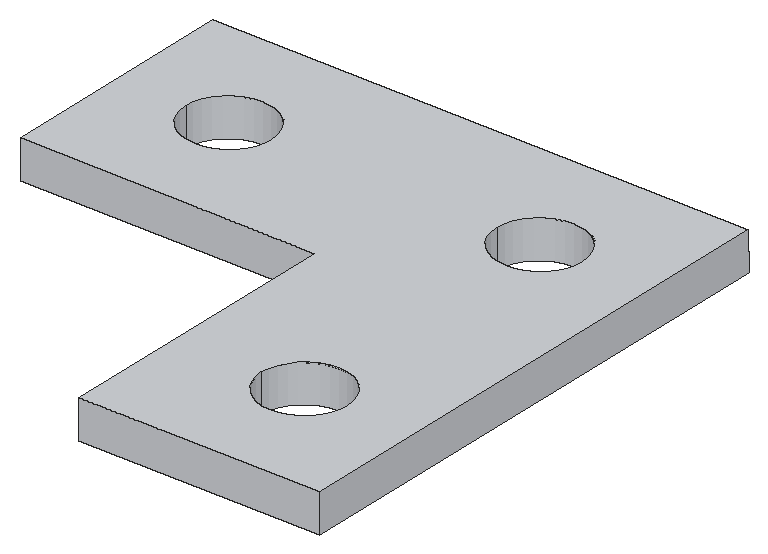
Revit family "Fitting-Flat_Plate-Unistrut-P1036", category Specialty Equipment, Revit 2012
Parameters (values of type "P1036")
  ecoScorecard_data = "http://products.ecoscorecard.com/atkore/P1036"
  ecoScorecard Product Page = "http://products.ecoscorecard.com/atkore/P1036?action=html"
  Weight Per Piece = 0.58 lbf
  Unit = none
  Unistrut Part Number = "P1036"  # constant formula
  URL = "http://unistrut.us/index.php"
  Thickness = 0' - 0 1/4"  # constant formula
  Subcategory = "Flat Plate Fittings"  # constant formula
  Product Page URL = "http://unistrut.us/index.php?WP=cat_detail&S=S05&P=P1036"
  Power Strut Part Number = "PS 718"  # constant formula
  Part Type = "Fitting"  # constant formula
  Overall Width = 0' - 3 1/2"  # constant formula
  Overall Length = 0' - 3 1/2"  # constant formula
  Model = "P1036"
  Material = ""
  Manufacturer Phone - Toll Free = "800-882-5543"  # constant formula
  Manufacturer Phone = "708-339-1610"  # constant formula
  Manufacturer Fax = "708-339-7814"  # constant formula
  Manufacturer Email = "mailto:jshaw@atkore.com"
  Manufacturer Address = "16100 South Lathrop Avenue, Harvey, IL 60426"  # constant formula
  Manufacturer = "Unistrut by Atkore International"  # constant formula
  Load Capacity Note = "Visit the product page for load application and capacity."  # constant formula
  Literature URL = "http://unistrut.us/index.php?WP=LItLibrary"
  Hole Diameter = 0' - 0 9/16"
  Cost Info = "mailto:jshaw@atkore.com"
  CAD URL = "http://unistrut.us/index.php?WP=CAD3d"
  Assembly Code = "D5020100"
  95 CSI = "16070"  # constant formula
  04 CSI = "26 05 48"  # constant formula
Reference planes (in)
  plane 1 "Center (Front/Back)": y = 0
  plane 2: z = 0
  plane 3 "Center (Left/Right)": x = 0
  plane 4: y = 1.75
  plane 5: y = -1.75
  plane 6: x = -1.75
  plane 7: x = 1.75
  plane 8: z = 0.25
  plane 9: y = 0.9626
  plane 10: x = 1.0171
  plane 11: y = -0.9626
  plane 12: x = -1.0171
Dimensions and locks (in)
  equal spacing: plane 6, plane 3 "Center (Left/Right)", plane 7
  "Overall Length": plane 6 to plane 7
  equal spacing: plane 4, plane 1 "Center (Front/Back)", plane 5
  "Overall Width": plane 4 to plane 5
  "Thickness": plane 8 to plane 2
  aligned and locked: level to plane 2
  aligned and locked: plane 3 "Center (Left/Right)" to nested 1
  aligned and locked: plane 1 "Center (Front/Back)" to nested 1
Nested families (in)
  nested 1: "1036" at (0, 0, 0), type "1036"
Definition of nested family "1036"
  Parameters (values of type "P103")
    Width = 0' - 3 1/2"
    Unit = none
    Thickness = 0' - 0 1/4"
    Radiuis = Diameter / 2  # 0' - 0 9/32"
    Length = 0' - 3 1/2"
    Diameter = 0' - 0 9/16"
  Reference planes (in)
    plane 1 "Center (Front/Back)": y = 0
    plane 2: z = 0
    plane 3 "Center (Left/Right)": x = 0
    plane 4: y = 1.75
    plane 5: y = -1.75
    plane 6: x = -1.75
    plane 7: x = 1.75
    plane 8: z = 0.25
  Forms (in)
    Extrusion 1, solid, material <- "Unit"
      sketch origin (0, 0, 0) x (1, 0, 0) y (0, 1, 0)
        loop
          line (-1.75, 1.75) -> (-1.75, 0.1752) -> (0.1752, 0.1752) -> (0.1752, -1.75) -> (1.75, -1.75) -> (1.75, 1.75) -> (-1.75, 1.75)
        loop
          circle (-1.0171, 0.9626) r 0.28125
        loop
          circle (1.0171, 0.9626) r 0.28125
        loop
          circle (1.0171, -0.9626) r 0.28125
      from 0 to 0.25
  Dimensions and locks (in)
    equal spacing: plane 6, plane 3 "Center (Left/Right)", plane 7
    "Length": plane 6 to plane 7
    equal spacing: plane 4, plane 1 "Center (Front/Back)", plane 5
    "Width": plane 4 to plane 5
    "Thickness": plane 8 to plane 2
    locked: plane 1 "Center (Front/Back)" to Extrusion 1 sketch curve at 0.1752
    locked: plane 3 "Center (Left/Right)" to Extrusion 1 sketch curve at 0.1752
    locked: Extrusion 1 sketch curve to plane 3 "Center (Left/Right)" at 1.0171
    locked: plane 3 "Center (Left/Right)" to Extrusion 1 sketch curve at 1.0171  (x2)
    "Radiuis": radius of Extrusion 1 sketch curve  (x3)
    aligned and locked: level to plane 2
    aligned and locked: Extrusion 1 sketch curve to plane 4
    aligned and locked: plane 5 to Extrusion 1 sketch curve
    aligned and locked: plane 7 to Extrusion 1 sketch curve
    aligned and locked: Extrusion 1 sketch curve to plane 6
    aligned and locked: Extrusion 1 to plane 2
    aligned and locked: plane 8 to Extrusion 1
  Automatic sketch dimensions
    Extrusion 1 sketch curve to plane 5 = 0' - 0.7874"
    Extrusion 1 sketch curve to plane 4 = 0' - 0.7874"  (x2)
